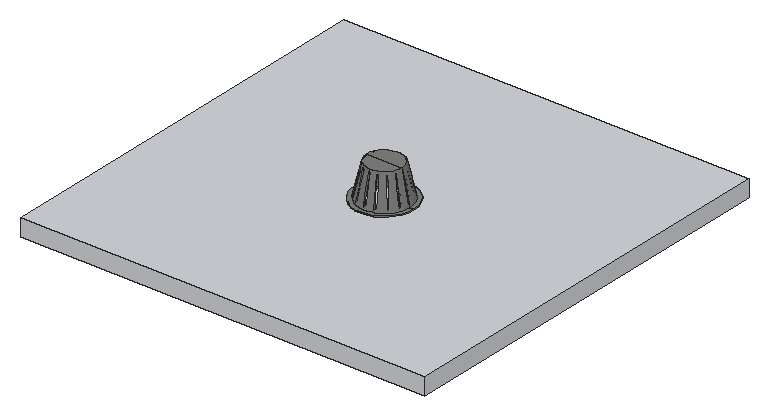
Revit family
Parameters (values of type "6"")
  URL = "WWW.MIFAB.COM"
  Top Diameter = 14.125"
  Roof Drain = Roof Drain
  R1 = 5.000"
  Pipe Radius = 3.000"
  Pipe Diameter = Pipe Radius * 2  # 6.000"
  Model = "R1250"
  Manufacturer = "MIFAB"
  H3 = Body Height / 3.375  # 2.37037"
  H2 = Body Height / 1.99  # 4.0201"
  H1 = Body Height / 1.3  # 6.15385"
  Description = "EXTRA DEEP SUMP ROOF DRAIN"
  Default Elevation = 48.000"
  Body Height = 8.000"
Types (7): name | Pipe Radius | Pipe Diameter | H3 | H2 | H1 | Body Height
  (no name) | 3.000" | 6.000" | 2.37037" | 4.0201" | 6.15385" | 8.000"
  4" | 2.000" | 4.000" | 1.81481" | 3.07789" | 4.71154" | 6.125"
  2" | 1.000" | 2.000" | 1.81481" | 3.07789" | 4.71154" | 6.125"
  3" | 1.500" | 3.000" | 1.81481" | 3.07789" | 4.71154" | 6.125"
  5" | 2.500" | 5.000" | 1.81481" | 3.07789" | 4.71154" | 6.125"
  6" | 3.000" | 6.000" | 2.37037" | 4.0201" | 6.15385" | 8.000"
  8" | 4.000" | 8.000" | 2.37037" | 4.0201" | 6.15385" | 8.000"
Reference planes (in)
  plane 1 "Center (Front/Back)": y = 0
  plane 2: z = 0
  plane 3 "Center (Left/Right)": x = 0
  plane 4: x = 3.2
  plane 5: x = 4.25
  plane 6: x = 4.5
  plane 7: x = 5
  plane 8: x = 7.0625
  plane 9: x = 3
  plane 10: z = -9.41346
  plane 11: z = -8
  plane 12: z = -4.0201
  plane 13: z = -0.2
  plane 14: z = 0.2085
  plane 15: z = -2.37037
  plane 16: x = 4.2
  plane 17: z = 8
  plane 18: x = 6
  plane 19: x = -0.25
  plane 20: x = 0.25
  plane 21: z = 7.5
  plane 22: z = 0.7085
  plane 23: z = 5.5
  plane 24: x = -7.0625
  plane 25: x = -4.2
Forms (in)
  Extrusion 1, solid
    sketch origin (0, 0, 0) x (1, 0, 0) y (0, 1, 0)
      loop
        line (-48, 48) -> (-48, -48) -> (48, -48) -> (48, 48) -> (-48, 48)
    from 0 to -4
  Revolve 2, solid, material "Roof Drain" <- "Roof Drain"
    sketch origin (0, 0, 0) x (1, 0, 0) y (0, 0, 1)
      loop
        line (3.2, -9.41346) -> (3.2, -8) -> (4.25, -8) -> (4.5, -0.2) -> (5, -0.2) -> (5, 0) -> (7.0625, 0) -> (7.0625, 0.2085) -> (4.30055, 0.2085) -> (4.04387, -7.8) -> (3, -7.8) -> (3, -9.41346) -> (3.2, -9.41346)
      axis (0, 0.2085) -> (0, -9.41346)
    angle from 0 to 360
  Revolve 3, solid, material "Roof Drain" <- "Roof Drain"
    sketch origin (0, 0, 0) x (1, 0, 0) y (0, 0, 1)
      loop
        line (0, 8) -> (0, 7.8) -> (4.04094, 7.8) -> (5.79473, 0.2085) -> (6, 0.2085) -> (4.2, 8) -> (0, 8)
      axis (0, 0.2085) -> (0, 8)
    angle from 0 to 360
  Extrusion 4, void
    sketch origin (0, 0, 0) x (1, 0, 0) y (0, 0, 1)
      loop
        line (-0.25, 7.5) -> (-0.25, 0.7085) -> (0.25, 0.7085) -> (0.25, 7.5) -> (-0.25, 7.5)
    from -6.43838 to 6.34689
  Extrusion 5, void
    sketch origin (0, 0, 0) x (0.92388, -0.382683, 0) y (0, 0, 1)
      loop
        line (-0.25, 7.5) -> (-0.25, 0.7085) -> (0.25, 0.7085) -> (0.25, 7.5) -> (-0.25, 7.5)
    from -6.43838 to 6.34689
  Extrusion 6, void
    sketch origin (0, 0, 0) x (0.92388, 0.382683, 0) y (0, 0, 1)
      loop
        line (-0.25, 7.5) -> (-0.25, 0.7085) -> (0.25, 0.7085) -> (0.25, 7.5) -> (-0.25, 7.5)
    from -6.43838 to 6.34689
  Extrusion 7, void
    sketch origin (0, 0, 0) x (0.707107, 0.707107, 0) y (0, 0, 1)
      loop
        line (-0.25, 7.5) -> (-0.25, 0.7085) -> (0.25, 0.7085) -> (0.25, 7.5) -> (-0.25, 7.5)
    from -6.43838 to 6.34689
  Extrusion 8, void
    sketch origin (0, 0, 0) x (0.382683, 0.92388, 0) y (0, 0, 1)
      loop
        line (-0.25, 7.5) -> (-0.25, 0.7085) -> (0.25, 0.7085) -> (0.25, 7.5) -> (-0.25, 7.5)
    from -6.43838 to 6.34689
  Extrusion 9, void
    sketch origin (0, 0, 0) x (0, 1, 0) y (0, 0, 1)
      loop
        line (-0.25, 7.5) -> (-0.25, 0.7085) -> (0.25, 0.7085) -> (0.25, 7.5) -> (-0.25, 7.5)
    from -6.43838 to 6.34689
  Extrusion 10, void
    sketch origin (0, 0, 0) x (-0.382683, 0.92388, 0) y (0, 0, 1)
      loop
        line (-0.25, 7.5) -> (-0.25, 0.7085) -> (0.25, 0.7085) -> (0.25, 7.5) -> (-0.25, 7.5)
    from -6.43838 to 6.34689
  Extrusion 11, void
    sketch origin (0, 0, 0) x (-0.707107, 0.707107, 0) y (0, 0, 1)
      loop
        line (-0.25, 7.5) -> (-0.25, 0.7085) -> (0.25, 0.7085) -> (0.25, 7.5) -> (-0.25, 7.5)
    from -6.43838 to 6.34689
Cuts and joins
  Extrusion 4, Extrusion 5, Extrusion 6, Extrusion 7, Extrusion 8, Extrusion 9, Extrusion 10, Extrusion 11 cuts Revolve 3
Dimensions and locks (in)
  "Pipe Radius": plane 9 to plane 3 "Center (Left/Right)"
  locked: plane 4 to plane 9 at 0.2
  "R1": plane 7 to plane 3 "Center (Left/Right)"
  locked: plane 5 to plane 3 "Center (Left/Right)" at 4.25
  locked: plane 6 to plane 3 "Center (Left/Right)" at 4.5
  "Body Height": level to plane 11
  level to plane 13 = 0.200"
  "H3": level to plane 15
  "H2": Extrusion 1 to plane 12
  locked: plane 17 to level at 8
  locked: plane 18 to plane 3 "Center (Left/Right)" at 6
  locked: plane 17 to Revolve 3 sketch curve at 0.2
  locked: Revolve 3 sketch curve to Revolve 3 sketch curve at 0.2
  locked: Revolve 2 sketch curve to Revolve 2 sketch curve at 0.2
  locked: Revolve 2 sketch curve to Revolve 2 sketch curve at 0.21243
  plane 17 to plane 21 = 0.500"
  locked: plane 22 to plane 14 at 0.5
  plane 23 to level = 5.500"
  equal spacing: plane 24, plane 3 "Center (Left/Right)", plane 8
  "Top Diameter": plane 24 to plane 8
  plane 25 to plane 16 = 8.400"
  plane 25 to plane 3 "Center (Left/Right)" to plane 16 = 4.200" locked, 4.200" locked
  locked: plane 11 to plane 10 at 1.41346
  aligned and locked: plane 2 to Extrusion 1
  aligned and locked: level to Extrusion 1
  aligned and locked: Revolve 2 sketch curve to plane 10
  aligned and locked: Revolve 2 sketch curve to plane 4
  aligned and locked: Revolve 2 sketch curve to plane 13
  aligned and locked: Revolve 2 sketch curve to plane 7
  aligned and locked: Extrusion 1 to Revolve 2 sketch curve
  aligned and locked: Revolve 2 sketch curve to plane 8
  aligned and locked: Revolve 2 sketch curve to plane 14
  aligned and locked: Revolve 2 sketch curve to plane 3 "Center (Left/Right)"
  aligned and locked: Revolve 2 sketch curve to plane 9
  aligned and locked: Revolve 2 sketch curve to plane 11
  aligned and locked: plane 3 "Center (Left/Right)" to Revolve 3 sketch curve  (x2)
  aligned and locked: Revolve 3 sketch curve to plane 17
  aligned and locked: plane 16 to Revolve 3 sketch curve
  aligned and locked: Revolve 3 sketch curve to plane 14
Automatic sketch dimensions
  Extrusion 1 sketch curve to Extrusion 1 sketch curve = 96.000"  (x2)
  Revolve 3 sketch curve to plane 18 = 0.000"
  Revolve 3 sketch curve to Revolve 3 sketch curve = 5.000"
  Revolve 3 sketch curve to Revolve 3 sketch curve = 1.750"
  Extrusion 4 sketch curve to Extrusion 4 sketch curve = 0.500"
  Extrusion 4 sketch curve to Extrusion 4 sketch curve = 6.7915"
  Extrusion 5 sketch curve to Extrusion 5 sketch curve = 0.500"
  Extrusion 5 sketch curve to Extrusion 5 sketch curve = 6.7915"
  Extrusion 6 sketch curve to Extrusion 6 sketch curve = 0.500"
  Extrusion 6 sketch curve to Extrusion 6 sketch curve = 6.7915"
  Extrusion 7 sketch curve to Extrusion 7 sketch curve = 0.500"
  Extrusion 7 sketch curve to Extrusion 7 sketch curve = 6.7915"
  Extrusion 8 sketch curve to Extrusion 8 sketch curve = 0.500"
  Extrusion 8 sketch curve to Extrusion 8 sketch curve = 6.7915"
  Extrusion 9 sketch curve to Extrusion 9 sketch curve = 0.500"
  Extrusion 9 sketch curve to Extrusion 9 sketch curve = 6.7915"
  Extrusion 10 sketch curve to Extrusion 10 sketch curve = 0.500"
  Extrusion 10 sketch curve to Extrusion 10 sketch curve = 6.7915"
  Extrusion 11 sketch curve to Extrusion 11 sketch curve = 0.500"
  Extrusion 11 sketch curve to Extrusion 11 sketch curve = 6.7915"
  Revolve 2 sketch curve to plane 5 = 0.000"
  Revolve 2 sketch curve to plane 6 = 0.000"
  plane 10 to Revolve 2 sketch curve = 5.000"
  Revolve 2 sketch curve to Revolve 2 sketch curve = 11.000"
Connectors (in)
  piping at (0, 0, -9.41346), driven by "Pipe Radius"
    settings: on Revolve 2, index 1, connector radius 3", flow factor 0, pipe flow 0 GPM, pressure drop 0.00 psi, fitting loss kfactor 0, connector angle 0.00°, fixture units 0, flow configuration 0, flow direction 2, fitting loss method 0, system type 16, connector reference index -1, connector utility 0, adjustable connector no, is connector primary yes, fitting loss table "", connector description ""
